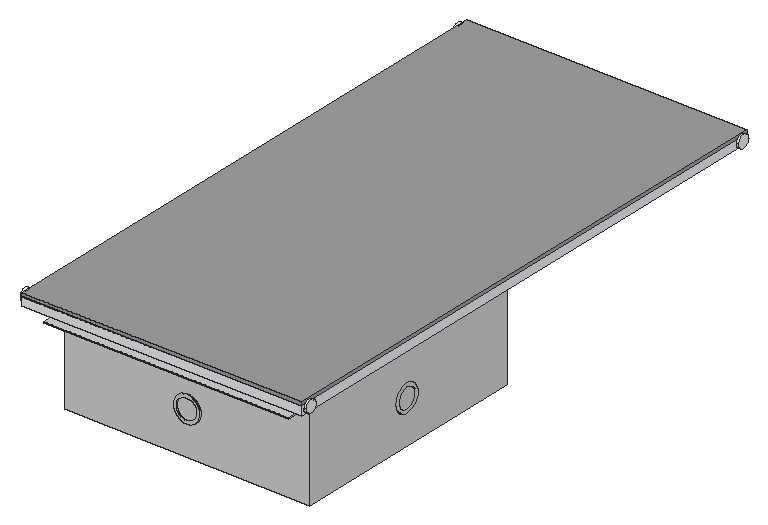
Revit family "Atlas_Sound_I128SYSM", category Communication Devices, Revit 2026
Family settings
  Round Connector Dimension = Use Diameter
  Part Type = Normal
  Work Plane-Based = Yes
  Always vertical = No
  Cut with Voids When Loaded = No
  Maintain Annotation Orientation = No
  Shared = No
  Room Calculation Point = No
Parameters (values of type "IP Enabled Loudspeakers")
  Width = 11.94"
  Weight Product = 10
  Warranty = "1 Year"
  Voltage AC = "PoE or PoE+ and External 24VDC"
  Vertical Symmetry = yes
  URL = "www.atlassound.com"
  Transformer Option = yes
  Specification by User (default) = "TBD"
  Speaker Type = "S1"
  Speaker Listening Height [instance] = 30.00"
  Speaker Height [instance] = 120.00"
  Speaker Dispersion = 105.00°
  Speaker Cone Visible [instance] = no
  Speaker Cone Height [instance] = (Speaker Height - Speaker Listening Height)  # 90.00"
  ScheduleType |RF| = "AtlasIED Master"
  Safety Agency Ratings = "ETL Listed to Comply with UL-60950-1, and CAN/CSA-C22.2 No. 60950-1"
  SPL Max = 95
  Recommended Signal Processing = "Built-In Processing"
  Radius of Speaker Cone [instance] = (Speaker Cone Height) * tan(Speaker Dispersion / 2)  # 117.29028"
  Product Page URL = "https://www.atlasied.com/Product/ProductDetails?productId=3381"
  Product Documentation Link = "https://www.atlasied.com/f/3582/I128SYSM+_data_sheet.pdf"
  Power Rating (RMS) = "15 Watts Max (802.3AT)"
  Operation Mode = "Self Powered"
  OmniClass Title = "SPEAKERS"
  OmniClass Number = "23-37 17 13 19"
  Mounting/Rigging Provisions = "Lay-In Into A Reflected Ceiling Grid"
  Mount Material = QF_Plastic - White - Smooth
  Model = "I128SYSM+"
  MaterFormat Title = "SPEAKERS"
  MasterFormat = "27 41 13"
  Market = "Commercial, Higher Education, Emergency"
  Manufacturer URL = "https://www.atlasied.com"
  Manufacturer Phone = "(800) 876 - 3333"
  Manufacturer Email = "support@atlasied.com"
  Manufacturer Address = "4545 E. Baseline Rd., Phoenix, AZ 85042"
  Manufacturer = "ATLAS SOUND"
  Loudspeaker Level = "8Ω, 9W (802.3AF), 15W (802.3AT)"
  Input Connectors = "One Unbalanced Analog, Secured Screw Terminal Block, G.711, G.722 Capable"
  Ingress Protection = "IP-XX (Not Rated)"
  Impedance = 8
  IQ Category = "SPEAKERS"
  Height = 4.92"
  Grill Material = QF_Plastic - Black - Fine Textured
  Frequency Response  = "86Hz - 15.5kHz"
  Family Version [instance] = "2017-01"
  Family Code (default) = "LOUD SPEAKERS"
  Enclosure Material = none
  Dispersion Angle = 0.00°
  Description = "POE+ INDOOR 1’ X 2’ SUSPENDED CEILING MOUNT IP LOUDSPEAKER WITH PAGING MICROPHONE"
  Depth = 23.69"
  Default Elevation = 48.00"
  Coverage Vertical = 105.00°
  Coverage Horizontal = 105.00°
  Coverage = "105° (2kHz Octave Band, -6dB Points"
  Cost MSRP = 1247.99
  Cost = 1247.99
  Communication Ports = "RJ-45 Female"
  Color = none
  Bracket Offset [instance] = 0.45205"
  Body Material = QF_Metal - Stainless - Polished
  Baffle Material = none
  70V Taps = "32.00 W"
  100V Taps = "32.00 W"
Reference planes (in)
  plane 1 "Center (Front/Back)": y = 0
  plane 2: z = 0
  plane 3 "Center (Left/Right)": x = 0
  plane 4: z = 0.5
  plane 5: x = 5.97
  plane 6: x = -5.97
  plane 7: y = 11.845
  plane 8: y = -11.845
  plane 9: z = -4.42
  plane 10: y = 10.12661
  plane 11: z = -0.45205
Forms (in)
  Extrusion 1, solid, material "QF_Plastic - White - Smooth" <- "Mount Material"
    sketch origin (0, 0, 0) x (1, 0, 0) y (0, 1, 0)
      loop
        line (-5.97, 11.845) -> (-5.97, -11.845) -> (5.97, -11.845) -> (5.97, 11.845) -> (-5.97, 11.845)
    from 0 to 0.35
  Extrusion 2, solid, material "QF_Metal - Stainless - Polished" <- "Body Material"
    sketch origin (0, 0, 0) x (0, 1, 0) y (0, 0, 1)
      loop
        line (0, -4.29) -> (0, 0) -> (-10.5, 0) -> (-10.5, -4.29) -> (0, -4.29)
    from -5.23 to 5.22635
  Extrusion 3, solid, material "QF_Metal - Stainless - Polished" <- "Body Material"
    sketch origin (0, 0, -4.29) x (-1, 0, 0) y (0, 1, 0)
      loop
        line (3.10859, -0.42676) -> (0.54088, -0.42676) -> (0.54088, 0.77513) -> (-0.44713, 0.77513) -> (-0.44713, -0.42676) -> (-3.03918, -0.42676) -> (-3.03918, -5.04209) -> (3.10859, -5.04209) -> (3.10859, -0.42676)
      loop
        circle (0.05482, 0.22836) r 0.36127
    from 0 to 0.13
  Extrusion 4, solid, material "QF_Plastic - White - Smooth" <- "Mount Material"
    sketch origin (5.97, 11.845, 0) x (0, -1, 0) y (0, 0, -1)
      loop
        circle (0.31236, -0.25095) r 0.25
      loop
        circle (23.37764, -0.25095) r 0.25
    from 0 to 0.13
  Extrusion 5, solid, material "QF_Plastic - White - Smooth" <- "Mount Material"
    sketch origin (-5.97, 10.595, 0) x (0, 1, 0) y (0, 0, -1)
      loop
        circle (0.93764, -0.25095) r 0.25
      loop
        circle (-22.12764, -0.25095) r 0.25
    from 0 to 0.13
  Extrusion 6, solid, material "QF_Metal - Stainless - Polished" <- "Body Material"
    sketch origin (-7.33094, -180, -0.5) x (0, -1, 0) y (-1, 0, 0)
      loop
        circle (-180.46186, -12.07079) r 0.25
      loop
        circle (-180.46186, -2.5911) r 0.25
      loop
        circle (-168.91314, -12.07079) r 0.25
      loop
        circle (-168.91314, -2.5911) r 0.25
    from 0 to 0.13
  Extrusion 7, solid, material "QF_Metal - Stainless - Polished" <- "Body Material"
    sketch origin (0, 0, -4.42) x (0, -1, 0) y (-1, 0, 0)
      loop
        circle (2.78313, 0) r 0.61511
      loop
        circle (2.78313, 0) r 0.48511
    from 0 to 0.03
  Extrusion 8, solid, material "QF_Metal - Stainless - Polished" <- "Body Material"
    sketch origin (-5.23, 0, 0) x (0, -1, 0) y (0, 0, 1)
      loop
        circle (5.36407, -2.4354) r 0.56726
      loop
        circle (5.36407, -2.4354) r 0.43726
    from 0 to 0.03
  Extrusion 9, solid, material "QF_Metal - Stainless - Polished" <- "Body Material"
    sketch origin (0, 0, -4.42) x (0, 0, 1) y (1, 0, 0)
      loop
        circle (1.9846, 0) r 0.57
      loop
        circle (1.9846, 0) r 0.44
    from 0 to 0.03
  Extrusion 10, solid, material "QF_Metal - Stainless - Polished" <- "Body Material"
    sketch origin (0, -10.5, -4.42) x (0, 0, 1) y (-1, 0, 0)
      loop
        circle (1.9846, 0) r 0.57
      loop
        circle (1.9846, 0) r 0.44
    from 0 to 0.03
  Extrusion 11, solid, material "QF_Metal - Stainless - Polished" <- "Body Material"
    sketch origin (5.22635, 0, 0) x (0, 1, 0) y (0, 0, 1)
      loop
        circle (-5.36407, -2.4354) r 0.56726
      loop
        circle (-5.36407, -2.4354) r 0.43726
    from 0 to 0.03
  Extrusion 12, solid, material "QF_Plastic - Black - Fine Textured" <- "Grill Material"
    sketch origin (5.51168, -11.845, 0) x (-1, 0, 0) y (0, 0, -1)
      loop
        line (11.48168, -0.5) -> (11.48168, -0.37) -> (-0.45832, -0.37) -> (-0.45832, -0.5) -> (11.48168, -0.5)
    from 0 to -23.69
  Blend 13, solid, material "Glass", visible <- "Speaker Cone Visible"
    base sketch origin (0, 0, 0.13989) x (1, 0, 0) y (0, 1, 0)
      loop
        circle (0, 0.09521) r 117.29028
    top sketch origin (0, 0, 0.13989) x (1, 0, 0) y (0, 1, 0)
      loop
        circle (0, 0.09521) r 0.13513
    from 90 <- "Speaker Cone Height" to 0
  Extrusion 14, solid, material "QF_Metal - Stainless - Polished" <- "Body Material"
    sketch origin (-7.33094, -180, -0.45205) x (-1, 0, 0) y (0, -1, 0)
      loop
        line (-2.10094, -169.5) -> (-2.10094, -168.39314) -> (-12.5573, -168.39314) -> (-12.5573, -169.5) -> (-2.10094, -169.5)
      loop
        line (-12.5573, -180) -> (-12.5573, -181.10686) -> (-2.10094, -181.10686) -> (-2.10094, -180) -> (-12.5573, -180)
    from 0 to -0.04795
Lines and regions (in)
  symbolic lines
    curve 1: line (-5.97, 11.845, 0) -> (5.97, 11.845, 0)
    curve 2: line (-5.97, -11.845, 0) -> (-5.97, 11.845, 0)
    curve 3: line (5.97, -11.845, 0) -> (-5.97, -11.845, 0)
    curve 4: line (5.97, 11.845, 0) -> (5.97, -11.845, 0)
  symbolic lines, style "Sound Projection Average", visible <- "Speaker Cone Visible"
    curve 5: circle (0, 0.09521, 0.13989) r 155.88457 normal (0, 0, 1)
Dimensions and locks (in)
  plane 4 to plane 2 = 0.50"
  "Width": plane 6 to plane 5
  "Depth": plane 7 to plane 8
  "Height": plane 4 to plane 9
  "Bracket Offset": plane 2 to plane 11
  "Radius of Speaker Cone": radius of Blend 13 sketch curve
  aligned and locked: plane 2 to level
Automatic sketch dimensions
  curve 3 to plane 6 = 0.00"
  curve 3 to plane 5 = 0.00"
  curve 3 to plane 8 = 0.00"
  curve 2 to plane 7 = 0.00"
  Extrusion 1 sketch curve to plane 6 = 0.00"
  Extrusion 1 sketch curve to plane 5 = 0.00"
  Extrusion 1 sketch curve to plane 8 = 0.00"
  Extrusion 1 sketch curve to plane 7 = 0.00"
  Extrusion 2 sketch curve to plane 1 "Center (Front/Back)" = 0.00"
  plane 9 to Extrusion 2 sketch curve = 0.13"
  plane 8 to Extrusion 2 sketch curve = 1.345"
  Extrusion 2 sketch curve to level = 0.00"
  Extrusion 3 sketch curve to Extrusion 2 = 2.18718"
  Extrusion 3 sketch curve to Extrusion 2 = 0.77513"
  Extrusion 3 sketch curve to Extrusion 3 sketch curve = 2.59205"
  Extrusion 3 sketch curve to Extrusion 2 = 0.22836"
  Extrusion 3 sketch curve to Extrusion 3 sketch curve = 0.50195"
  Extrusion 3 sketch curve to Extrusion 3 sketch curve = 0.48606"
  Extrusion 2 to Extrusion 3 sketch curve = 0.42676"  (x2)
  Extrusion 3 sketch curve to Extrusion 2 = 2.12141"
  Extrusion 3 sketch curve to Extrusion 3 sketch curve = 4.61533"
  Extrusion 1 to Extrusion 4 sketch curve = 0.09905"  (x2)
  Extrusion 1 to Extrusion 4 sketch curve = 0.31236"  (x2)
  Extrusion 1 to Extrusion 5 sketch curve = 0.09905"  (x2)
  Extrusion 5 sketch curve to Extrusion 1 = 0.31236"
  Extrusion 1 to Extrusion 5 sketch curve = 0.31236"
  Extrusion 7 sketch curve to Extrusion 7 sketch curve = 0.00"  (x2)
  Extrusion 3 to Extrusion 7 sketch curve = 0.44713"
  Extrusion 3 to Extrusion 7 sketch curve = 2.25896"
  Extrusion 8 sketch curve to Extrusion 8 sketch curve = 0.00"  (x2)
  Extrusion 8 sketch curve to Extrusion 2 = 1.8546"
  Extrusion 8 sketch curve to Extrusion 2 = 5.13593"
  Extrusion 9 sketch curve to Extrusion 9 sketch curve = 0.00"  (x2)
  Extrusion 2 to Extrusion 9 sketch curve = 1.8546"
  Extrusion 2 to Extrusion 9 sketch curve = 5.22635"
  Extrusion 10 sketch curve to Extrusion 10 sketch curve = 0.00"  (x2)
  Extrusion 2 to Extrusion 10 sketch curve = 1.8546"
  Extrusion 2 to Extrusion 10 sketch curve = 5.22635"
  Extrusion 11 sketch curve to Extrusion 11 sketch curve = 0.00"  (x3)
  Extrusion 11 sketch curve to Extrusion 2 = 1.8546"
  Extrusion 12 sketch curve to Extrusion 1 = 0.00"  (x2)
  Extrusion 12 sketch curve to Extrusion 1 = 0.15"
  Extrusion 12 sketch curve to Extrusion 1 = 0.02"
  Blend 13 sketch curve to plane 3 "Center (Left/Right)" = 0.00"  (x2)
  Blend 13 sketch curve to plane 1 "Center (Front/Back)" = 0.09521"  (x2)
  plane 1 "Center (Front/Back)" to Extrusion 14 sketch curve = 0.00"
  Extrusion 14 sketch curve to plane 5 = 0.74365"  (x2)
  Extrusion 14 sketch curve to plane 6 = 0.74"  (x2)
  Extrusion 14 sketch curve to Extrusion 14 sketch curve = 1.10686"
  plane 8 to Extrusion 14 sketch curve = 1.345"
  plane 8 to Extrusion 14 sketch curve = 0.23814"
  Extrusion 11 sketch curve to Extrusion 2 = 5.13593"
  Extrusion 14 to Extrusion 6 sketch curve = 0.48651"  (x2)
  Extrusion 14 to Extrusion 6 sketch curve = 0.49015"  (x2)
  Extrusion 14 to Extrusion 6 sketch curve = 0.46186"  (x2)
  Extrusion 14 to Extrusion 6 sketch curve = 0.52"  (x2)
  radius of Extrusion 3 sketch curve = 0.36127"
  radius of Extrusion 4 sketch curve = 0.25"  (x2)
  radius of Extrusion 5 sketch curve = 0.25"  (x2)
  radius of Extrusion 7 sketch curve = 0.61511"
  radius of Extrusion 7 sketch curve = 0.48511"
  radius of Extrusion 8 sketch curve = 0.56726"
  radius of Extrusion 8 sketch curve = 0.43726"
  radius of Extrusion 9 sketch curve = 0.57"
  radius of Extrusion 9 sketch curve = 0.44"
  radius of Extrusion 10 sketch curve = 0.57"
  radius of Extrusion 10 sketch curve = 0.44"
  radius of Extrusion 11 sketch curve = 0.56726"
  radius of Extrusion 11 sketch curve = 0.43726"
  radius of Blend 13 sketch curve = 0.13513"
  radius of Extrusion 6 sketch curve = 0.25"  (x4)
Nested families (in)
  nested 1: "Speaker Annotation" at (0, 0, 0.13989), Speaker Type <- "Speaker Type", type "Data Annotation"
    with Speaker Type "S1"
Definition of nested family "Speaker Annotation"
  Parameters
    Speaker Type [instance] = ""
  Reference planes (in)
    plane 1: y = 0
    plane 2: x = 0
  Lines and regions (in)
    detail lines
      curve 1: circle (-0.00295, 0.00032, 0) r 0.09489 normal (0, 0, 1)
  Text (in)
    label "S1" at (0.00193, -0.00496, 0), shows "Speaker Type"
